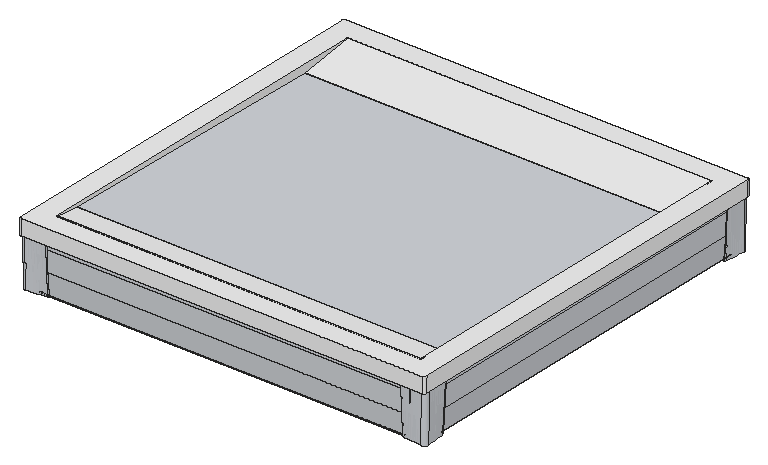
Revit family "WIQ", category Plumbing Fixtures, Revit 2015
Parameters (values of type "800x800")
  Water flow rate = 0.63 L/s
  Shower base = shower base : 800x800
  Outlet pipe nominal diameter = 50 mm
  Model = "WIQ"
  A = 800 mm
  URL = "www.sanswiss.com"
  Type Comments = "ILA"
  Number of elements = 0
  Metal = Aluminum - Polished
  Manufacturer = "SanSwiss"
  B = 800 mm
  Glass = Glass
  Conglomerate = none
Types (3, lengths in mm): name | Shower base | A | B
  900x900 | shower base : 900x900 | 900 | 900
  1000x1000 | shower base : 1000x1000 | 1000 | 1000
  800x800 | shower base : 800x800 | 800 | 800
Reference planes
  plane 1 "Center (Front/Back)": y = 0
  plane 2: z = 0
  plane 3 "Center (Left/Right)": x = 0
  plane 4: x = 800
  plane 5: y = 800
  plane 6: x = 400
  plane 7: y = 400
  plane 8: z = 101
  plane 9: x = 0.639
  plane 10: y = 797.06
  plane 11: x = 799.361
  plane 12: y = 797.06
  plane 13: x = 0.639
  plane 14: y = 2.94
  plane 15: x = 799.361
  plane 16: y = 2.94
  plane 17: x = 748.47
  plane 18: y = 47.824
  plane 19: x = 51.53
  plane 20: y = 47.824
  plane 21: x = 748.47
  plane 22: y = 752.176
  plane 23: x = 51.53
  plane 24: y = 752.176
  plane 25: y = 19.83
  plane 26: x = 766.869
  plane 27: x = 31.869
  plane 28: x = 766.869
  plane 29: x = 31.869
  plane 30: y = 766.869
  plane 31: y = 34.4
  plane 32: y = 766.869
  plane 33: y = 34.4
  plane 34: y = 11.6
  plane 35: x = 788.4
  plane 36: x = 888.4
  plane 37: y = 212.5
  plane 38: y = 609.595
  plane 39: x = 794.464
  plane 40: x = 188.321
  plane 41: x = 585.417
  plane 42: y = 3.453
  plane 43: y = 591.048
Forms (mm)
  Sweep 1, solid
    path origin (103.021, 52.906, 6) x (0, -1, 0) y (1, 0, 0)
      loop
        line (41.306, -71.152) -> (41.306, 663.848)
    profile origin (399.369, 11.6, 6) x (0, 1, 0) y (0, 0, 1)
      loop
        spline (0.431, -0.006) -> (0.955, 0.054) -> (1.294, 0.212) -> (1.481, 0.439) -> (1.55, 0.702) -> (1.528, 0.971) -> (1.424, 1.215) -> (1.247, 1.405) -> (1.003, 1.51) -> (0.707, 1.52) -> (0.405, 1.52) -> (0.151, 1.623) -> (0, 1.939)
        line (0, 1.939) -> (-2.751, 29.579)
        arc (-2.751, 29.579) -> (-2.407, 31.877) -> (-3.101, 34.096) r 5.188
        line (-3.101, 34.096) -> (-4.562, 61.304)
        arc (-4.562, 61.304) -> (-4.122, 63.62) -> (-4.697, 65.906) r 5.47
        line (-4.697, 65.906) -> (-5.041, 92.482)
        spline (-5.041, 92.482) -> (-5.049, 92.653) -> (-5.052, 92.805) -> (-5.049, 92.939) -> (-5.039, 93.056) -> (-5.02, 93.157) -> (-4.993, 93.243) -> (-4.954, 93.315) -> (-4.903, 93.374) -> (-4.839, 93.42) -> (-4.761, 93.455) -> (-4.667, 93.479) -> (-4.556, 93.494)
        line (-4.556, 93.494) -> (-0.657, 93.494)
        arc (-0.657, 93.494) -> (3.714, 92.725) -> (8.066, 93.595) r 12.009
        arc (8.066, 93.595) -> (8.483, 94.577) -> (7.502, 94.994) r 0.754
        arc (7.502, 94.994) -> (3.521, 94.221) -> (-0.459, 94.994) r 10.643
        line (-0.459, 94.994) -> (-5.475, 94.994)
        arc (-5.475, 94.994) -> (-6.169, 94.707) -> (-6.456, 94.013) r 0.981
        line (-6.456, 94.013) -> (-6.456, 84.994) -> (-5.212, 43.292) -> (-1.491, 1.762)
        spline (-1.491, 1.762) -> (-1.454, 1.534) -> (-1.387, 1.312) -> (-1.293, 1.098) -> (-1.173, 0.895) -> (-1.031, 0.706) -> (-0.868, 0.533) -> (-0.686, 0.38) -> (-0.487, 0.248) -> (-0.274, 0.141) -> (-0.049, 0.061) -> (0.187, 0.011) -> (0.431, -0.006)
  Sweep 2, solid
    path origin (847.094, 3.021, 6) x (1, 0, 0) y (0, 1, 0)
      loop
        line (-58.694, 31.379) -> (-58.694, 763.848)
    profile origin (788.4, 400.635, 6) x (-1, 0, 0) y (0, 0, 1)
      loop
        spline (0.431, -0.006) -> (0.955, 0.054) -> (1.294, 0.212) -> (1.481, 0.439) -> (1.55, 0.702) -> (1.528, 0.971) -> (1.424, 1.215) -> (1.247, 1.405) -> (1.003, 1.51) -> (0.707, 1.52) -> (0.405, 1.52) -> (0.151, 1.623) -> (0, 1.939)
        line (0, 1.939) -> (-2.751, 29.579)
        arc (-2.751, 29.579) -> (-2.407, 31.877) -> (-3.101, 34.096) r 5.188
        line (-3.101, 34.096) -> (-4.562, 61.304)
        arc (-4.562, 61.304) -> (-4.122, 63.62) -> (-4.697, 65.906) r 5.47
        line (-4.697, 65.906) -> (-5.041, 92.482)
        spline (-5.041, 92.482) -> (-5.049, 92.653) -> (-5.052, 92.805) -> (-5.049, 92.939) -> (-5.039, 93.056) -> (-5.02, 93.157) -> (-4.993, 93.243) -> (-4.954, 93.315) -> (-4.903, 93.374) -> (-4.839, 93.42) -> (-4.761, 93.455) -> (-4.667, 93.479) -> (-4.556, 93.494)
        line (-4.556, 93.494) -> (-0.657, 93.494)
        arc (-0.657, 93.494) -> (3.714, 92.725) -> (8.066, 93.595) r 12.009
        arc (8.066, 93.595) -> (8.483, 94.577) -> (7.502, 94.994) r 0.754
        arc (7.502, 94.994) -> (3.521, 94.221) -> (-0.459, 94.994) r 10.643
        line (-0.459, 94.994) -> (-5.475, 94.994)
        arc (-5.475, 94.994) -> (-6.169, 94.707) -> (-6.456, 94.013) r 0.981
        line (-6.456, 94.013) -> (-6.456, 84.994) -> (-5.212, 43.292) -> (-1.491, 1.762)
        spline (-1.491, 1.762) -> (-1.454, 1.534) -> (-1.387, 1.312) -> (-1.293, 1.098) -> (-1.173, 0.895) -> (-1.031, 0.706) -> (-0.868, 0.533) -> (-0.686, 0.38) -> (-0.487, 0.248) -> (-0.274, 0.141) -> (-0.049, 0.061) -> (0.187, 0.011) -> (0.431, -0.006)
  Sweep 3, solid
    path origin (52.906, 3.021, 6) x (1, 0, 0) y (0, 1, 0)
      loop
        line (-41.344, 31.379) -> (-41.344, 763.848)
    profile origin (11.562, 400.635, 6) x (-1, 0, 0) y (0, 0, 1)
      loop
        spline (-0.431, -0.006) -> (-0.187, 0.011) -> (0.049, 0.061) -> (0.274, 0.141) -> (0.487, 0.248) -> (0.686, 0.38) -> (0.868, 0.533) -> (1.031, 0.706) -> (1.173, 0.895) -> (1.293, 1.098) -> (1.387, 1.312) -> (1.454, 1.534) -> (1.491, 1.762)
        line (1.491, 1.762) -> (5.212, 43.292) -> (6.456, 84.994) -> (6.456, 94.013)
        arc (6.456, 94.013) -> (6.169, 94.707) -> (5.475, 94.994) r 0.981
        line (5.475, 94.994) -> (0.459, 94.994)
        arc (0.459, 94.994) -> (-3.521, 94.221) -> (-7.502, 94.994) r 10.643
        arc (-7.502, 94.994) -> (-8.483, 94.577) -> (-8.066, 93.595) r 0.754
        arc (-8.066, 93.595) -> (-3.714, 92.725) -> (0.657, 93.494) r 12.009
        line (0.657, 93.494) -> (4.556, 93.494)
        spline (4.556, 93.494) -> (4.667, 93.479) -> (4.761, 93.455) -> (4.839, 93.42) -> (4.903, 93.374) -> (4.954, 93.315) -> (4.993, 93.243) -> (5.02, 93.157) -> (5.039, 93.056) -> (5.049, 92.939) -> (5.052, 92.805) -> (5.049, 92.653) -> (5.041, 92.482)
        line (5.041, 92.482) -> (4.697, 65.906)
        arc (4.697, 65.906) -> (4.122, 63.62) -> (4.562, 61.304) r 5.47
        line (4.562, 61.304) -> (3.101, 34.096)
        arc (3.101, 34.096) -> (2.407, 31.877) -> (2.751, 29.579) r 5.188
        line (2.751, 29.579) -> (0, 1.939)
        spline (0, 1.939) -> (-0.151, 1.623) -> (-0.405, 1.52) -> (-0.707, 1.52) -> (-1.003, 1.51) -> (-1.247, 1.405) -> (-1.424, 1.215) -> (-1.528, 0.971) -> (-1.55, 0.702) -> (-1.481, 0.439) -> (-1.294, 0.212) -> (-0.955, 0.054) -> (-0.431, -0.006)
Dimensions and locks
  "A": plane 1 "Center (Front/Back)" to plane 5
  "B": plane 3 "Center (Left/Right)" to plane 4
  equal spacing: plane 3 "Center (Left/Right)", plane 6, plane 4
  equal spacing: plane 1 "Center (Front/Back)", plane 7, plane 5
  locked: plane 10 to plane 5 at 2.94
  locked: plane 3 "Center (Left/Right)" to plane 9 at 0.639
  locked: plane 12 to plane 5 at 2.94
  locked: plane 11 to plane 4 at 0.639
  locked: plane 3 "Center (Left/Right)" to plane 13 at 0.639
  locked: plane 1 "Center (Front/Back)" to plane 14 at 2.94
  locked: plane 1 "Center (Front/Back)" to plane 16 at 2.94
  locked: plane 15 to plane 4 at 0.639
  locked: plane 17 to plane 4 at 51.53
  locked: plane 1 "Center (Front/Back)" to plane 18 at 47.824
  locked: plane 19 to plane 3 "Center (Left/Right)" at 51.53
  locked: plane 1 "Center (Front/Back)" to plane 20 at 47.824
  locked: plane 21 to plane 4 at 51.53
  locked: plane 5 to plane 22 at 47.824
  locked: plane 23 to plane 3 "Center (Left/Right)" at 51.53
  locked: plane 5 to plane 24 at 47.824
  locked: plane 26 to plane 4 at 33.131
  locked: plane 3 "Center (Left/Right)" to plane 27 at 31.869
  locked: plane 28 to plane 4 at 33.131
  locked: plane 3 "Center (Left/Right)" to plane 29 at 31.869
  locked: plane 30 to plane 5 at 33.131
  locked: plane 1 "Center (Front/Back)" to plane 31 at 34.4
  locked: plane 32 to plane 5 at 33.131
  locked: plane 1 "Center (Front/Back)" to plane 33 at 34.4
  locked: plane 1 "Center (Front/Back)" to plane 34 at 11.6
  locked: plane 35 to plane 4 at 11.6
  locked: plane 39 to plane 4 at 5.536
  locked: plane 5 to plane 38 at 190.405
  locked: plane 37 to plane 1 "Center (Front/Back)" at 212.5
  locked: plane 1 "Center (Front/Back)" to plane 42 at 3.453
  locked: plane 3 "Center (Left/Right)" to plane 40 at 188.321
  locked: plane 41 to plane 4 at 214.583
  locked: plane 43 to plane 5 at 208.952
  aligned and locked: level to plane 2
  aligned and locked: plane 3 "Center (Left/Right)" to nested 1
  aligned and locked: plane 1 "Center (Front/Back)" to nested 1
  aligned and locked: plane 8 to nested 1
  aligned and locked: plane 6 to nested 2
  aligned and locked: nested 2 to plane 7
  aligned and locked: plane 6 to nested 3
  aligned and locked: nested 4 to plane 9
  aligned and locked: plane 10 to nested 4
  aligned and locked: nested 5 to plane 11
  aligned and locked: plane 12 to nested 5
  aligned and locked: nested 6 to plane 14
  aligned and locked: nested 6 to plane 13
  aligned and locked: nested 7 to plane 15
  aligned and locked: plane 16 to nested 7
  aligned and locked: plane 17 to nested 8
  aligned and locked: nested 8 to plane 18
  aligned and locked: nested 9 to plane 19
  aligned and locked: nested 9 to plane 20
  aligned and locked: nested 10 to plane 21
  aligned and locked: nested 10 to plane 22
  aligned and locked: plane 23 to nested 11
  aligned and locked: nested 11 to plane 24
  aligned and locked: plane 29 to Sweep 1 sketch curve
  aligned and locked: plane 28 to Sweep 1 sketch curve
  aligned and locked: Sweep 2 sketch curve to plane 31
  aligned and locked: Sweep 2 sketch curve to plane 30
  aligned and locked: plane 33 to Sweep 3 sketch curve
  aligned and locked: plane 32 to Sweep 3 sketch curve
  aligned and locked: Sweep 1 sketch curve to plane 34
  aligned and locked: Sweep 2 sketch curve to plane 35
  aligned and locked: plane 43 to nested 3
Automatic sketch dimensions
  Sweep 1 sketch curve to profile plane = 0 mm
  profile plane to Sweep 1 sketch curve = 0.459 mm
  profile plane to Sweep 1 sketch curve = 0.657 mm
  profile plane to Sweep 1 sketch curve = 1.491 mm
  profile plane to Sweep 1 sketch curve = 2.751 mm
  profile plane to Sweep 1 sketch curve = 3.101 mm
  Sweep 1 sketch curve to Sweep 1 sketch curve = 3.899 mm
  profile plane to Sweep 1 sketch curve = 4.562 mm
  Sweep 1 sketch curve to Sweep 1 sketch curve = 0.135 mm
  Sweep 1 sketch curve to Sweep 1 sketch curve = 0.485 mm
  profile plane to Sweep 1 sketch curve = 5.212 mm
  Sweep 1 sketch curve to Sweep 1 sketch curve = 0.919 mm
  profile plane to Sweep 1 sketch curve = 6.456 mm
  Sweep 1 sketch curve to Sweep 1 sketch curve = 4.478 mm
  Sweep 1 sketch curve to Sweep 1 sketch curve = 4.892 mm
  Sweep 1 sketch curve to profile plane = 0.006 mm
  Sweep 1 sketch curve to profile plane = 0.431 mm
  Sweep 1 sketch curve to profile plane = 3.521 mm
  Sweep 1 sketch curve to Sweep 1 sketch curve = 0.053 mm
  Sweep 1 sketch curve to profile plane = 7.784 mm
  profile plane to Sweep 1 sketch curve = 1.762 mm
  Sweep 1 sketch curve to Sweep 1 sketch curve = 0.177 mm
  Sweep 1 sketch curve to Sweep 1 sketch curve = 27.64 mm
  Sweep 1 sketch curve to Sweep 1 sketch curve = 1.898 mm
  Sweep 1 sketch curve to Sweep 1 sketch curve = 9.196 mm
  Sweep 1 sketch curve to Sweep 1 sketch curve = 18.012 mm
  Sweep 1 sketch curve to Sweep 1 sketch curve = 2.155 mm
  Sweep 1 sketch curve to Sweep 1 sketch curve = 19.088 mm
  Sweep 1 sketch curve to Sweep 1 sketch curve = 7.488 mm
  Sweep 1 sketch curve to Sweep 1 sketch curve = 1.012 mm
  Sweep 1 sketch curve to Sweep 1 sketch curve = 0.519 mm
  Sweep 1 sketch curve to Sweep 1 sketch curve = 0.699 mm
  Sweep 1 sketch curve to Sweep 1 sketch curve = 9.739 mm
  Sweep 1 sketch curve to Sweep 1 sketch curve = 0.132 mm
  Sweep 1 sketch curve to Sweep 1 sketch curve = 0 mm
  Sweep 2 sketch curve to profile plane = 0 mm
  profile plane to Sweep 2 sketch curve = 0.459 mm
  profile plane to Sweep 2 sketch curve = 0.657 mm
  profile plane to Sweep 2 sketch curve = 1.491 mm
  profile plane to Sweep 2 sketch curve = 2.751 mm
  profile plane to Sweep 2 sketch curve = 3.101 mm
  Sweep 2 sketch curve to Sweep 2 sketch curve = 3.899 mm
  profile plane to Sweep 2 sketch curve = 4.562 mm
  Sweep 2 sketch curve to Sweep 2 sketch curve = 0.135 mm
  Sweep 2 sketch curve to Sweep 2 sketch curve = 0.485 mm
  profile plane to Sweep 2 sketch curve = 5.212 mm
  Sweep 2 sketch curve to Sweep 2 sketch curve = 0.919 mm
  profile plane to Sweep 2 sketch curve = 6.456 mm
  Sweep 2 sketch curve to Sweep 2 sketch curve = 4.478 mm
  Sweep 2 sketch curve to Sweep 2 sketch curve = 4.892 mm
  Sweep 2 sketch curve to profile plane = 0.006 mm
  Sweep 2 sketch curve to profile plane = 0.431 mm
  Sweep 2 sketch curve to profile plane = 3.521 mm
  Sweep 2 sketch curve to Sweep 2 sketch curve = 0.053 mm
  Sweep 2 sketch curve to profile plane = 7.784 mm
  profile plane to Sweep 2 sketch curve = 1.762 mm
  Sweep 2 sketch curve to Sweep 2 sketch curve = 0.177 mm
  Sweep 2 sketch curve to Sweep 2 sketch curve = 27.64 mm
  Sweep 2 sketch curve to Sweep 2 sketch curve = 1.898 mm
  Sweep 2 sketch curve to Sweep 2 sketch curve = 9.196 mm
  Sweep 2 sketch curve to Sweep 2 sketch curve = 18.012 mm
  Sweep 2 sketch curve to Sweep 2 sketch curve = 2.155 mm
  Sweep 2 sketch curve to Sweep 2 sketch curve = 19.088 mm
  Sweep 2 sketch curve to Sweep 2 sketch curve = 7.488 mm
  Sweep 2 sketch curve to Sweep 2 sketch curve = 1.012 mm
  Sweep 2 sketch curve to Sweep 2 sketch curve = 0.519 mm
  Sweep 2 sketch curve to Sweep 2 sketch curve = 0.699 mm
  Sweep 2 sketch curve to Sweep 2 sketch curve = 9.739 mm
  Sweep 2 sketch curve to Sweep 2 sketch curve = 0.132 mm
  Sweep 2 sketch curve to Sweep 2 sketch curve = 0 mm
  Sweep 3 sketch curve to profile plane = 0 mm
  Sweep 3 sketch curve to profile plane = 0.006 mm
  profile plane to Sweep 3 sketch curve = 0.431 mm
  profile plane to Sweep 3 sketch curve = 3.521 mm
  Sweep 3 sketch curve to Sweep 3 sketch curve = 0.053 mm
  profile plane to Sweep 3 sketch curve = 7.784 mm
  Sweep 3 sketch curve to profile plane = 0.459 mm
  Sweep 3 sketch curve to profile plane = 0.657 mm
  Sweep 3 sketch curve to profile plane = 1.491 mm
  Sweep 3 sketch curve to profile plane = 2.751 mm
  Sweep 3 sketch curve to profile plane = 3.101 mm
  Sweep 3 sketch curve to Sweep 3 sketch curve = 3.899 mm
  Sweep 3 sketch curve to profile plane = 4.562 mm
  Sweep 3 sketch curve to Sweep 3 sketch curve = 0.135 mm
  Sweep 3 sketch curve to Sweep 3 sketch curve = 0.485 mm
  Sweep 3 sketch curve to profile plane = 5.212 mm
  Sweep 3 sketch curve to Sweep 3 sketch curve = 0.919 mm
  Sweep 3 sketch curve to Sweep 3 sketch curve = 0.981 mm
  Sweep 3 sketch curve to Sweep 3 sketch curve = 4.478 mm
  Sweep 3 sketch curve to Sweep 3 sketch curve = 4.892 mm
  profile plane to Sweep 3 sketch curve = 1.762 mm
  Sweep 3 sketch curve to Sweep 3 sketch curve = 0.177 mm
  Sweep 3 sketch curve to Sweep 3 sketch curve = 27.64 mm
  Sweep 3 sketch curve to Sweep 3 sketch curve = 1.898 mm
  Sweep 3 sketch curve to Sweep 3 sketch curve = 9.196 mm
  Sweep 3 sketch curve to Sweep 3 sketch curve = 18.012 mm
  Sweep 3 sketch curve to Sweep 3 sketch curve = 2.155 mm
  Sweep 3 sketch curve to Sweep 3 sketch curve = 19.088 mm
  Sweep 3 sketch curve to Sweep 3 sketch curve = 7.488 mm
  Sweep 3 sketch curve to Sweep 3 sketch curve = 1.012 mm
  Sweep 3 sketch curve to Sweep 3 sketch curve = 0.519 mm
  Sweep 3 sketch curve to Sweep 3 sketch curve = 0.699 mm
  Sweep 3 sketch curve to Sweep 3 sketch curve = 9.739 mm
  Sweep 3 sketch curve to Sweep 3 sketch curve = 0.132 mm
  Sweep 3 sketch curve to Sweep 3 sketch curve = 0 mm
  Sweep 3 sketch curve to plane 9 = 10.923 mm
Nested families
  nested 1: "shower base" at (0, 0, 101), type <- "Shower base", type "800x800"
  nested 2: "ILA_leg" at (400, 400, 0), type "ILA_leg"
  nested 3: "Syfon" at (400, 591.048, 66.241), type "Syfon"
  nested 4: "Corner" at (0.639, 797.06, 101), type "Corner"
  nested 5: "Corner" at (799.361, 797.06, 101) x (-1, 0, 0) z (0, 0, 1), type "Corner"
  nested 6: "Corner" at (0.639, 2.94, 101), type "Corner"
  nested 7: "Corner" at (799.361, 2.94, 101) x (-1, 0, 0) z (0, 0, 1), type "Corner"
  nested 8: "ILA_leg_45" at (748.47, 47.824, 0), type "ILA_leg_45"
  nested 9: "ILA_leg_45" at (51.53, 47.824, 0) x (-1, 0, 0) z (0, 0, 1), type "ILA_leg_45"
  nested 10: "ILA_leg_45" at (748.47, 752.176, 0), type "ILA_leg_45"
  nested 11: "ILA_leg_45" at (51.53, 752.176, 0) x (-1, 0, 0) z (0, 0, 1), type "ILA_leg_45"
Connectors
  piping at (400, 591.048, 49.861), diameter 50, driven by "Water flow rate", driven by "Outlet pipe nominal diameter"
    settings: on nested 3, index 1, connector inside diameter 609.6 mm, connector length 0 mm, flow factor 0, pipe flow 0.63 L/s, pressure drop 0.0 Pa, fitting loss kfactor 0, connector angle 0.00°, fixture units 0, engagement length 0 mm, angle of deflection 0.00°, flow configuration 1, flow direction 2, fitting loss method 0, system type 16, joint type 0, gender type 0, connector reference index -1, connector utility 0, adjustable connector yes, is connector primary yes, connector description ""
Definition of nested family "shower base"
  Parameters (values of type "900x900")
    Width fixed panel 2 = 0 mm
    Width fixed panel = 0 mm
    Model = "shower base"
    A = 900 mm
    URL = "www.sanswiss.com"
    Type Comments = "ILA"
    Number of elements = 0
    Metal = none
    Manufacturer = "SanSwiss"
    B = 900 mm
    Glass = none
    H = 30 mm
    Conglomerate = none
  Types (3, lengths in mm): name | Model | A | B | H
    900x900 | "shower base" | 900 | 900 | 30
    1000x1000 | "" | 1000 | 1000 | 35
    800x800 | "shower base" | 800 | 800 | 30
  Reference planes
    plane 1 "Center (Front/Back)": y = 0
    plane 2: z = 0
    plane 3 "Center (Left/Right)": x = 0
    plane 4: x = 900
    plane 5: y = 900
    plane 6: x = 41
    plane 7: x = 859
    plane 8: y = 859
    plane 9: y = 41
    plane 10: y = 90.922
    plane 11: y = 752.047
    plane 12: z = 25
    plane 13: z = 15
  Forms (mm)
    Sweep 1, solid, material <- "Metal"
      path origin (0, 0, 0) x (1, 0, 0) y (0, 0, 1)
        loop
          line (0, 0) -> (0, 30)
      profile origin (0, 0, 15) x (-1, 0, 0) y (0, -1, 0)
        loop
          line (-895.003, -900) -> (-4.997, -900)
          arc (-4.997, -900) -> (-1.464, -898.536) -> (0, -895.003) r 4.997
          line (0, -895.003) -> (0, -4.997)
          arc (0, -4.997) -> (-1.464, -1.464) -> (-4.997, 0) r 4.997
          line (-4.997, 0) -> (-895.411, 0)
          arc (-895.411, 0) -> (-898.678, -1.599) -> (-900, -4.988) r 5.005
          line (-900, -4.988) -> (-900, -895.003)
          arc (-900, -895.003) -> (-898.536, -898.536) -> (-895.003, -900) r 4.997
    Sweep 2, void
      path origin (0, 0, 0) x (1, 0, 0) y (0, 0, 1)
        loop
          line (41, 85) -> (41, 5)
      profile origin (41, 0, 45) x (0, -1, 0) y (1, 0, 0)
        loop
          line (-859, 0) -> (-41, 0) -> (-41, 818) -> (-859, 818) -> (-859, 0)
    Extrusion 3, solid, material <- "Metal"
      sketch origin (0, 0, 0) x (0, 1, 0) y (0, 0, 1)
        loop
          line (41, 30) -> (41, 5) -> (90.922, 5) -> (90.922, 25) -> (41, 30)
      from 41 to 859
    Sweep 4, solid, material <- "Metal"
      path origin (0, 0, 1000.61) x (-1, 0, 0) y (0, -1, 0)
        loop
          line (-41, -752.047) -> (-859, -752.047)
      profile origin (450, 752.047, 1000.61) x (0, 1, 0) y (0, 0, 1)
        loop
          line (0, -985.61) -> (0, -995.61) -> (105, -995.61) -> (105, -970.61) -> (0, -985.61)
    SweptBlend 5, solid, material <- "Conglomerate"
      path origin (0, 0, 1000.61) x (-1, 0, 0) y (0, -1, 0)
        loop
          line (-41, -752.047) -> (-41, -90.922)
      profile origin (41, 752.047, 1000.61) x (1, 0, 0) y (0, 0, 1)
        loop
          line (0, -985.61) -> (0, -1000.61) -> (818, -1000.61) -> (818, -985.61) -> (0, -985.61)
      end profile origin (41, 90.922, 1000.61) x (1, 0, 0) y (0, 0, 1)
        loop
          line (0, -975.61) -> (0, -1000.61) -> (818, -1000.61) -> (818, -975.61) -> (0, -975.61)
  Cuts and joins
    Sweep 2 cuts Sweep 1
  Dimensions and locks
    locked: plane 3 "Center (Left/Right)" to plane 6 at 41
    locked: plane 7 to plane 4 at 41
    locked: plane 1 "Center (Front/Back)" to plane 9 at 41
    locked: plane 8 to plane 5 at 41
    locked: plane 1 "Center (Front/Back)" to plane 10 at 90.922
    locked: plane 11 to plane 5 at 147.953
    plane 12 to level = 25 mm
    plane 13 to level = 15 mm
    "B": plane 3 "Center (Left/Right)" to plane 4
    "A": plane 1 "Center (Front/Back)" to plane 5
    "H": Sweep 1 sketch curve to Sweep 1 sketch curve
    aligned and locked: level to plane 2
    aligned and locked: plane 4 to Sweep 1 sketch curve
    aligned and locked: plane 3 "Center (Left/Right)" to Sweep 1 sketch curve
    aligned and locked: Sweep 1 sketch curve to plane 5
    aligned and locked: Sweep 1 sketch curve to plane 1 "Center (Front/Back)"
    aligned and locked: Sweep 2 sketch curve to plane 7
    aligned and locked: Sweep 2 sketch curve to plane 8
    aligned and locked: plane 9 to Sweep 2 sketch curve
    aligned and locked: Sweep 2 sketch curve to plane 6
    aligned and locked: plane 7 to Extrusion 3
    aligned and locked: plane 6 to Extrusion 3
    aligned and locked: SweptBlend 5 sketch curve to plane 12
    aligned and locked: SweptBlend 5 sketch curve to plane 6  (x2)
    aligned and locked: level to SweptBlend 5 sketch curve  (x2)
    aligned and locked: SweptBlend 5 sketch curve to plane 7  (x2)
    aligned and locked: SweptBlend 5 sketch curve to plane 13
    aligned and locked: plane 11 to SweptBlend 5 sketch curve
    aligned and locked: plane 10 to SweptBlend 5 sketch curve
  Automatic sketch dimensions
    Sweep 1 sketch curve to Sweep 1 sketch curve = 4.589 mm
    Sweep 1 sketch curve to Sweep 1 sketch curve = 4.997 mm
    Sweep 1 sketch curve to plane 1 "Center (Front/Back)" = 4.988 mm
    Sweep 1 sketch curve to plane 1 "Center (Front/Back)" = 4.997 mm
    profile plane to Sweep 1 sketch curve = 4.997 mm
    Extrusion 3 sketch curve to plane 9 = 0 mm
    Extrusion 3 sketch curve to plane 10 = 0 mm
    Extrusion 3 sketch curve to plane 12 = 0 mm
    level to Extrusion 3 sketch curve = 5 mm
    plane 12 to Extrusion 3 sketch curve = 5 mm
    Sweep 4 sketch curve to plane 7 = 0 mm
    Sweep 4 sketch curve to plane 6 = 0 mm
    plane 11 to Sweep 4 sketch curve = 0 mm
    Sweep 4 sketch curve to profile plane = 0 mm
    Sweep 4 sketch curve to profile plane = 105 mm
    Sweep 4 sketch curve to profile plane = 995.61 mm
    Sweep 4 sketch curve to Sweep 4 sketch curve = 10 mm
    Sweep 4 sketch curve to Sweep 4 sketch curve = 25 mm
    SweptBlend 5 sketch curve to plane 6 = 0 mm
    plane 6 to Sweep 2 sketch curve = 0 mm
    level to Sweep 2 sketch curve = 5 mm
    plane 12 to Sweep 2 sketch curve = 60 mm
    Sweep 1 sketch curve to plane 3 "Center (Left/Right)" = 0 mm
    Sweep 1 sketch curve to level = 0 mm
Definition of nested family "ILA_leg"
  Reference planes
    plane 1 "Center (Front/Back)": y = 0
    plane 2: z = 0
    plane 3 "Center (Left/Right)": x = 0
  Forms (mm)
    Revolve 1, solid
      sketch origin (0, 0, 0) x (1, 0, 0) y (0, 0, 1)
        loop
          line (0, 5) -> (0, 0) -> (24.075, 0) -> (24.075, 2.016)
          arc (24.075, 2.016) -> (18.62, 3.928) -> (12.939, 5) r 38.471
          line (12.939, 5) -> (0, 5)
        axis (0, 0) -> (0, 5)
      angle from 0 to 360
    Extrusion 2, solid
      sketch origin (0, 0, 0) x (1, 0, 0) y (0, 1, 0)
        loop
          line (10.478, 6) -> (0.085, 12) -> (-10.307, 6) -> (-10.307, -6) -> (0.085, -12) -> (10.478, -6) -> (10.478, 6)
      from 5 to 15
    Extrusion 3, solid
      sketch origin (0, 0, 0) x (1, 0, 0) y (0, 1, 0)
        loop
          circle (0, 0) r 5
      from 0 to 45.6
    Extrusion 4, solid
      sketch origin (0, 0, 0) x (1, 0, 0) y (0, 1, 0)
        loop
          line (0.085, 9.691) -> (-8.307, 4.845) -> (-8.307, -4.845) -> (0.085, -9.691) -> (8.478, -4.845) -> (8.478, 4.845) -> (0.085, 9.691)
      from 45.6 to 54
    Extrusion 5, solid
      sketch origin (0, 0, 0) x (1, 0, 0) y (0, 1, 0)
        loop
          line (-10.324, 11.469) -> (-11.384, 10.409) -> (-6.781, 5.805)
          arc (-6.781, 5.805) -> (-8.963, 0) -> (-6.781, -5.805) r 8.813
          line (-6.781, -5.805) -> (-11.384, -10.409) -> (-10.324, -11.469) -> (-5.731, -6.877)
          arc (-5.731, -6.877) -> (0.085, -8.996) -> (5.902, -6.877) r 9.043
          line (5.902, -6.877) -> (10.494, -11.469) -> (11.555, -10.409) -> (6.966, -5.82)
          arc (6.966, -5.82) -> (9.114, 0) -> (6.966, 5.82) r 8.961
          line (6.966, 5.82) -> (11.555, 10.409) -> (10.494, 11.469) -> (5.875, 6.85)
          arc (5.875, 6.85) -> (0.085, 8.987) -> (-5.704, 6.85) r 8.911
          line (-5.704, 6.85) -> (-10.324, 11.469)
      from 54 to 97
    Extrusion 6, solid
      sketch origin (0, 0, 0) x (1, 0, 0) y (0, 1, 0)
        loop
          line (26.085, 11.5) -> (-25.915, 11.5)
          arc (-25.915, 11.5) -> (-37.415, 0) -> (-25.915, -11.5) r 11.5
          line (-25.915, -11.5) -> (26.085, -11.5)
          arc (26.085, -11.5) -> (37.585, 0) -> (26.085, 11.5) r 11.5
        loop
          circle (-24.932, 0) r 4.5
        loop
          circle (25.119, 0) r 4.5
      from 97 to 101
    Revolve 7, solid
      sketch origin (0, 0, 0) x (1, 0, 0) y (0, 0, 1)
        loop
          line (25.085, 109) -> (25.085, 92.383)
          arc (25.085, 92.383) -> (28.5, 93) -> (31.029, 95.375) r 6.114
          line (31.029, 95.375) -> (31.085, 97) -> (28.085, 97) -> (28.085, 109) -> (25.085, 109)
        axis (25.085, 109) -> (25.085, 92.383)
      angle from 0 to 360
    Revolve 8, solid
      sketch origin (0, 0, 0) x (-1, 0, 0) y (0, 0, 1)
        loop
          line (25.085, 109) -> (25.085, 92.383)
          arc (25.085, 92.383) -> (28.5, 93) -> (31.029, 95.375) r 6.114
          line (31.029, 95.375) -> (31.085, 97) -> (28.085, 97) -> (28.085, 109) -> (25.085, 109)
        axis (25.085, 109) -> (25.085, 92.383)
      angle from 0 to 360
  Dimensions and locks
    aligned and locked: level to plane 2
Definition of nested family "Syfon"
  Reference planes
    plane 1 "Center (Front/Back)": y = 0
    plane 2: z = 34.759
    plane 3 "Center (Left/Right)": x = 0
  Forms (mm)
    Extrusion 1, solid
      sketch origin (0.004, 0, 15.259) x (1, 0, 0) y (0, 0, 1)
        loop
          circle (-0.004, -31.639) r 25
      from -98.5 to 0
    SweptBlend 2, solid
      path origin (447.504, -590, 34.759) x (-1, 0, 0) y (0, 1, 0)
        loop
          line (409.878, 690) -> (326.55, 690)
      profile origin (37.626, 100, 34.759) x (0, 1, 0) y (0, 0, 1)
        loop
          line (35.888, -78.955) -> (38.899, -21.5) -> (-38.899, -21.5) -> (-35.918, -78.381)
          arc (-35.918, -78.381) -> (-33.365, -83.951) -> (-27.689, -86.258) r 8.313
          line (-27.689, -86.258) -> (0, -86.5) -> (28.264, -86.253)
          arc (28.264, -86.253) -> (33.522, -84.115) -> (35.888, -78.955) r 7.702
      end profile origin (120.953, 100, 34.759) x (0, 1, 0) y (0, 0, 1)
        loop
          line (35.884, -79.024) -> (38.899, -21.5) -> (-38.899, -21.5) -> (-35.94, -77.956)
          arc (-35.94, -77.956) -> (-33.204, -83.891) -> (-27.133, -86.313) r 8.819
          line (-27.133, -86.313) -> (28.203, -86.313)
          arc (28.203, -86.313) -> (33.497, -84.201) -> (35.884, -79.024) r 7.691
    Extrusion 3, solid
      sketch origin (-62.81, 101, -51.741) x (0, 0.017452, 0.999848) y (1, 0, 0)
        loop
          line (65.714, 100.928) -> (59.155, 99.619)
          arc (59.155, 99.619) -> (59.042, 98.929) -> (58.508, 98.477) r 1.011
          line (58.508, 98.477) -> (26.951, 86.998)
          arc (26.951, 86.998) -> (14.602, 77.48) -> (10.017, 62.578) r 25.732
          arc (10.017, 62.578) -> (14.739, 47.955) -> (26.951, 38.628) r 25.741
          line (26.951, 38.628) -> (58.508, 27.15)
          arc (58.508, 27.15) -> (59.043, 26.696) -> (59.153, 26.003) r 1.01
          line (59.153, 26.003) -> (65.714, 24.727) -> (65.714, 100.928)
      from -8.813 to 65.172
    Extrusion 4, solid
      sketch origin (-62.81, 101, -51.741) x (0, 0.017452, 0.999848) y (1, 0, 0)
        loop
          line (0.009, 125.387) -> (0.009, 0.238)
          arc (0.009, 0.238) -> (4.102, 11.482) -> (14.465, 17.463) r 17.491
          line (14.465, 17.463) -> (62.462, 25.22) -> (58.481, 26.001)
          arc (58.481, 26.001) -> (58.312, 26.812) -> (57.601, 27.235) r 1.029
          line (57.601, 27.235) -> (26.372, 38.709)
          arc (26.372, 38.709) -> (14.557, 48.098) -> (9.926, 62.462) r 26.063
          arc (9.926, 62.462) -> (14.307, 77.338) -> (26.409, 87.033) r 25.86
          line (26.409, 87.033) -> (57.984, 98.518)
          arc (57.984, 98.518) -> (58.414, 98.979) -> (58.487, 99.605) r 1.009
          line (58.487, 99.605) -> (62.492, 100.436) -> (14.463, 108.164)
          arc (14.463, 108.164) -> (4.101, 114.144) -> (0.009, 125.387) r 17.488
      from -3.418 to 0
    Extrusion 5, void
      sketch origin (43.688, 138.392, 3.596) x (0, 0.544639, 0.838671) y (1, 0, 0)
        loop
          line (33.348, -89.96) -> (33.348, 2.594) -> (-40.176, -19.884)
          arc (-40.176, -19.884) -> (-53.37, -28.842) -> (-59.208, -43.683) r 27.004
          arc (-59.208, -43.683) -> (-53.37, -58.524) -> (-40.176, -67.482) r 27.004
          line (-40.176, -67.482) -> (33.348, -89.96)
      from 0 to 80.815
    SweptBlend 6, solid
      path origin (-447.467, -590, 34.759) x (1, 0, 0) y (0, 1, 0)
        loop
          line (409.878, 690) -> (326.55, 690)
      profile origin (-37.589, 100, 34.759) x (0, -1, 0) y (0, 0, 1)
        loop
          arc (-35.888, -78.955) -> (-33.522, -84.115) -> (-28.264, -86.253) r 7.702
          line (-28.264, -86.253) -> (0, -86.5) -> (27.689, -86.258)
          arc (27.689, -86.258) -> (33.365, -83.951) -> (35.918, -78.381) r 8.313
          line (35.918, -78.381) -> (38.899, -21.5) -> (-38.899, -21.5) -> (-35.888, -78.955)
      end profile origin (-120.917, 100, 34.759) x (0, -1, 0) y (0, 0, 1)
        loop
          arc (-35.884, -79.024) -> (-33.497, -84.201) -> (-28.203, -86.313) r 7.691
          line (-28.203, -86.313) -> (27.133, -86.313)
          arc (27.133, -86.313) -> (33.204, -83.891) -> (35.94, -77.956) r 8.819
          line (35.94, -77.956) -> (38.899, -21.5) -> (-38.899, -21.5) -> (-35.884, -79.024)
    Extrusion 7, void
      sketch origin (0.033, 145.935, 22.509) x (-1, 0, 0) y (0, 0.017452, 0.999848)
        loop
          line (120.95, -9.087) -> (112.304, -60.581)
          arc (112.304, -60.581) -> (106.031, -70.364) -> (95.112, -74.342) r 18.165
          line (95.112, -74.342) -> (95.112, -87.367) -> (120.95, -87.367) -> (120.95, -9.087)
      from -98.891 to 33.944
    Extrusion 8, void
      sketch origin (0.033, 54.065, 22.509) x (-1, 0, 0) y (0, 0.017452, -0.999848)
        loop
          line (37.622, 87.276) -> (37.622, 14.257) -> (45.614, 59.755)
          arc (45.614, 59.755) -> (51.519, 69.982) -> (62.622, 74.005) r 17.231
          line (62.622, 74.005) -> (62.622, 87.276) -> (37.622, 87.276)
      from -42.216 to 24.232
    Extrusion 9, solid
      sketch origin (0.004, 100, 31.259) x (-1, 0, 0) y (0, -1, 0)
        loop
          line (-108.045, -45.913) -> (108.096, -45.913)
          arc (108.096, -45.913) -> (123.523, -39.523) -> (129.913, -24.096) r 21.816
          line (129.913, -24.096) -> (129.913, 24.224)
          arc (129.913, 24.224) -> (123.56, 39.56) -> (108.224, 45.913) r 21.688
          line (108.224, 45.913) -> (-108.179, 45.913)
          arc (-108.179, 45.913) -> (-123.547, 39.547) -> (-129.913, 24.179) r 21.733
          line (-129.913, 24.179) -> (-129.913, -24.045)
          arc (-129.913, -24.045) -> (-123.508, -39.508) -> (-108.045, -45.913) r 21.867
      from -12.5 to 0.426
    Extrusion 10, solid
      sketch origin (0.004, 100, 31.259) x (-1, 0, 0) y (0, -1, 0)
        loop
          line (108.131, 44.131) -> (-108.131, 44.131)
          arc (-108.131, 44.131) -> (-122.273, 38.273) -> (-128.131, 24.131) r 20
          line (-128.131, 24.131) -> (-128.131, -24.131)
          arc (-128.131, -24.131) -> (-122.273, -38.273) -> (-108.131, -44.131) r 20
          line (-108.131, -44.131) -> (108.131, -44.131)
          arc (108.131, -44.131) -> (122.273, -38.273) -> (128.131, -24.131) r 20
          line (128.131, -24.131) -> (128.131, 24.131)
          arc (128.131, 24.131) -> (122.273, 38.273) -> (108.131, 44.131) r 20
      from -18 to -12.5
    Extrusion 11, void
      sketch origin (0.033, 145.935, 22.509) x (-1, 0, 0) y (0, 0.017452, 0.999848)
        loop
          line (37.622, -87.276) -> (62.622, -87.276) -> (62.622, -74.005)
          arc (62.622, -74.005) -> (51.519, -69.982) -> (45.614, -59.755) r 17.231
          line (45.614, -59.755) -> (37.622, -14.257) -> (37.622, -87.276)
      from -42.216 to 24.232
    Extrusion 12, void
      sketch origin (-0.033, 145.935, 22.509) x (1, 0, 0) y (0, -0.017452, -0.999848)
        loop
          line (129.949, -44.514) -> (129.949, 87.367) -> (95.112, 87.367) -> (95.112, 74.342)
          arc (95.112, 74.342) -> (106.031, 70.364) -> (112.304, 60.581) r 18.165
          line (112.304, 60.581) -> (129.949, -44.514)
      from -98.891 to 33.944
    Extrusion 13, void
      sketch origin (-0.033, 54.065, 22.509) x (1, 0, 0) y (0, -0.017452, 0.999848)
        loop
          line (37.659, -87.276) -> (62.622, -87.276) -> (62.622, -74.005)
          arc (62.622, -74.005) -> (51.519, -69.982) -> (45.614, -59.755) r 17.231
          line (45.614, -59.755) -> (37.659, -14.466) -> (37.659, -87.276)
      from -42.216 to 24.232
    Extrusion 14, void
      sketch origin (-0.033, 145.935, 22.509) x (1, 0, 0) y (0, -0.017452, -0.999848)
        loop
          line (37.659, 87.276) -> (37.659, 14.466) -> (45.614, 59.755)
          arc (45.614, 59.755) -> (51.519, 69.982) -> (62.622, 74.005) r 17.231
          line (62.622, 74.005) -> (62.622, 87.276) -> (37.659, 87.276)
      from -42.216 to 24.232
    Extrusion 15, solid
      sketch origin (-447.496, -590, 34.759) x (1, 0, 0) y (0, 1, 0)
        loop
          line (555.17, 734.131) -> (339.919, 734.131)
          arc (339.919, 734.131) -> (325.388, 728.112) -> (319.369, 713.581) r 20.55
          line (319.369, 713.581) -> (319.369, 666.237)
          arc (319.369, 666.237) -> (325.372, 651.744) -> (339.865, 645.741) r 20.496
          line (339.865, 645.741) -> (555.111, 645.741)
          arc (555.111, 645.741) -> (569.621, 651.751) -> (575.631, 666.261) r 20.52
          line (575.631, 666.261) -> (575.631, 713.67)
          arc (575.631, 713.67) -> (569.638, 728.138) -> (555.17, 734.131) r 20.461
      from -3.074 to 0
  Cuts and joins
    Extrusion 7, Extrusion 8, Extrusion 12, Extrusion 13, Extrusion 14 cuts SweptBlend 2
    Extrusion 5 cuts Extrusion 3
    Extrusion 7, Extrusion 8, Extrusion 11, Extrusion 13, Extrusion 14 cuts SweptBlend 6
  Dimensions and locks
    aligned and locked: level to plane 2
Definition of nested family "Corner"
  Reference planes
    plane 1 "Center (Front/Back)": y = 0
    plane 2: z = 0
    plane 3 "Center (Left/Right)": x = 0
  Forms (mm)
    SweptBlend 1, solid
      path origin (50, 0, -10) x (0, 0, 1) y (1, 0, 0)
        loop
          line (10, -30.042) -> (-85, -30.042)
      profile origin (19.958, 0, 0) x (0, 1, 0) y (-1, 0, 0)
        loop
          line (-8.577, -0.136) -> (-8.577, -3.994) -> (-12.464, -9.309) -> (-12.464, -29.042) -> (-12.196, -30.042) -> (-10.45, -30.042) -> (-10.45, -10.042) -> (-7.176, -10.042) -> (-7.176, -29.042) -> (-7.056, -30.042) -> (-1, -30.042)
          arc (-1, -30.042) -> (-0.318, -29.759) -> (0, -29.077) r 0.965
          line (0, -29.077) -> (0, 11.98)
          arc (0, 11.98) -> (-2.337, 17.621) -> (-7.978, 19.958) r 7.978
          line (-7.978, 19.958) -> (-49.035, 19.923)
          arc (-49.035, 19.923) -> (-49.717, 19.64) -> (-50, 18.958) r 0.965
          line (-50, 18.958) -> (-50, 12.901) -> (-49, 12.782) -> (-30, 12.782) -> (-30, 9.508) -> (-50, 9.508) -> (-50, 7.762) -> (-49, 7.494) -> (-29.267, 7.494) -> (-23.952, 11.381) -> (-20.093, 11.381) -> (-9.031, 12.578)
          arc (-9.031, 12.578) -> (-7.81, 12.148) -> (-7.38, 10.927) r 1.498
          line (-7.38, 10.927) -> (-8.577, -0.136)
      end profile origin (19.958, 0, -95) x (0, 1, 0) y (-1, 0, 0)
        loop
          line (-8.577, -0.136) -> (-8.577, -3.994) -> (-12.464, -9.309) -> (-12.464, -29.042) -> (-12.196, -30.042) -> (-10.45, -30.042) -> (-10.45, -10.042) -> (-7.176, -10.042) -> (-7.176, -29.042) -> (-7.056, -30.042) -> (-5.929, -30.042)
          arc (-5.929, -30.042) -> (-5.282, -29.793) -> (-4.969, -29.174) r 0.965
          line (-4.969, -29.174) -> (-0.98, 10.249)
          arc (-0.98, 10.249) -> (-3.273, 16.685) -> (-9.709, 18.978) r 7.967
          line (-9.709, 18.978) -> (-49.132, 14.989)
          arc (-49.132, 14.989) -> (-49.751, 14.676) -> (-50, 14.029) r 0.965
          line (-50, 14.029) -> (-50, 12.901) -> (-49, 12.782) -> (-30, 12.782) -> (-30, 9.508) -> (-50, 9.508) -> (-50, 7.762) -> (-49, 7.494) -> (-29.267, 7.494) -> (-23.952, 11.381) -> (-20.093, 11.381) -> (-9.031, 12.578)
          arc (-9.031, 12.578) -> (-7.81, 12.148) -> (-7.38, 10.927) r 1.498
          line (-7.38, 10.927) -> (-8.577, -0.136)
  Dimensions and locks
    aligned and locked: level to plane 2
Definition of nested family "ILA_leg_45"
  Reference planes
    plane 1 "Center (Front/Back)": y = 0
    plane 2: z = 0
    plane 3 "Center (Left/Right)": x = 0
  Forms (mm)
    Revolve 1, solid
      sketch origin (0.025, -0.06, 0) x (0.707107, 0.707107, 0) y (0, 0, 1)
        loop
          line (0, 5) -> (0, 0) -> (24.075, 0) -> (24.075, 2.016)
          arc (24.075, 2.016) -> (18.62, 3.928) -> (12.939, 5) r 38.471
          line (12.939, 5) -> (0, 5)
        axis (0, 0) -> (0, 5)
      angle from 0 to 360
    Extrusion 2, solid
      sketch origin (0.025, -0.06, 0) x (0.707107, 0.707107, 0) y (-0.707107, 0.707107, 0)
        loop
          line (10.478, 6) -> (0.085, 12) -> (-10.307, 6) -> (-10.307, -6) -> (0.085, -12) -> (10.478, -6) -> (10.478, 6)
      from 5 to 15
    Extrusion 3, solid
      sketch origin (0.025, -0.06, 0) x (0.707107, 0.707107, 0) y (-0.707107, 0.707107, 0)
        loop
          circle (0, 0) r 5
      from 0 to 45.6
    Extrusion 4, solid
      sketch origin (0.025, -0.06, 0) x (0.707107, 0.707107, 0) y (-0.707107, 0.707107, 0)
        loop
          line (0.085, 9.691) -> (-8.307, 4.845) -> (-8.307, -4.845) -> (0.085, -9.691) -> (8.478, -4.845) -> (8.478, 4.845) -> (0.085, 9.691)
      from 45.6 to 54
    Extrusion 5, solid
      sketch origin (0.025, -0.06, 0) x (0.707107, 0.707107, 0) y (-0.707107, 0.707107, 0)
        loop
          line (-10.324, 11.469) -> (-11.384, 10.409) -> (-6.781, 5.805)
          arc (-6.781, 5.805) -> (-8.963, 0) -> (-6.781, -5.805) r 8.813
          line (-6.781, -5.805) -> (-11.384, -10.409) -> (-10.324, -11.469) -> (-5.731, -6.877)
          arc (-5.731, -6.877) -> (0.085, -8.996) -> (5.902, -6.877) r 9.043
          line (5.902, -6.877) -> (10.494, -11.469) -> (11.555, -10.409) -> (6.966, -5.82)
          arc (6.966, -5.82) -> (9.114, 0) -> (6.966, 5.82) r 8.961
          line (6.966, 5.82) -> (11.555, 10.409) -> (10.494, 11.469) -> (5.875, 6.85)
          arc (5.875, 6.85) -> (0.085, 8.987) -> (-5.704, 6.85) r 8.911
          line (-5.704, 6.85) -> (-10.324, 11.469)
      from 54 to 97
    Extrusion 6, solid
      sketch origin (0.025, -0.06, 0) x (0.707107, 0.707107, 0) y (-0.707107, 0.707107, 0)
        loop
          line (26.085, 11.5) -> (-25.915, 11.5)
          arc (-25.915, 11.5) -> (-37.415, 0) -> (-25.915, -11.5) r 11.5
          line (-25.915, -11.5) -> (26.085, -11.5)
          arc (26.085, -11.5) -> (37.585, 0) -> (26.085, 11.5) r 11.5
        loop
          circle (-24.932, 0) r 4.5
        loop
          circle (25.119, 0) r 4.5
      from 97 to 101
    Revolve 7, solid
      sketch origin (0.025, -0.06, 0) x (0.707107, 0.707107, 0) y (0, 0, 1)
        loop
          line (25.085, 109) -> (25.085, 92.383)
          arc (25.085, 92.383) -> (28.5, 93) -> (31.029, 95.375) r 6.114
          line (31.029, 95.375) -> (31.085, 97) -> (28.085, 97) -> (28.085, 109) -> (25.085, 109)
        axis (25.085, 109) -> (25.085, 92.383)
      angle from 0 to 360
    Revolve 8, solid
      sketch origin (0.025, -0.06, 0) x (-0.707107, -0.707107, 0) y (0, 0, -1)
        loop
          line (25.085, -109) -> (28.085, -109) -> (28.085, -97) -> (31.085, -97) -> (31.029, -95.375)
          arc (31.029, -95.375) -> (28.5, -93) -> (25.085, -92.383) r 6.114
          line (25.085, -92.383) -> (25.085, -109)
        axis (25.085, -109) -> (25.085, -92.383)
      angle from 0 to 360
  Dimensions and locks
    aligned and locked: level to plane 2
